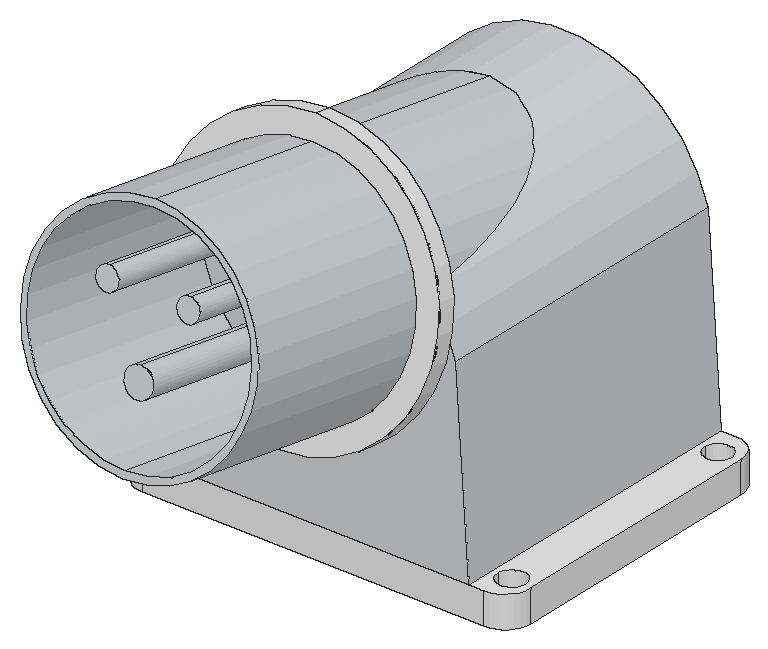
Revit family "Building-IEC309Connections-GEWISS-IEC309HP-90°_SURFACE_MOUNT_INLET_16A_IP44", category Apparecchi elettrici, host Superficie, Revit 2019
Family settings
  Host = Superficie
  Mantenere orientamento annotazione = Sì
  Quota connettore circolare = Usa diametro
  Tipo di parte = Normale
  Taglio con vuoti quando caricato = No
  Condiviso = Sì
  Punto di calcolo locali = Sì
Parameters (values of type "GW60411 - IP44 90°APPL.INLET 3P+N+E 16A 500V 7H")
  simbolo acceso [instance] = yes
  distanza_simbolo [instance] = 1 mm
  distanza dal piano [instance] = 0 mm
  W = 115 mm  # constant formula
  Version file RFA = "21.11"
  URL = "https://www.gewiss.com/ww/en"
  Typology = "90° angled surface mounting inlet"
  Type of wiring = "With screw"
  Total number of operations = "-5000"
  Thermo-pressure with ball = "125 °C (active parts) - 80 °C (passive parts)"
  Terminal tightening capacity = "1-2.5mm² flexible cables - 1.5-4mm² rigid cables"
  Technical sheet = "https://www.gewiss.com/ww/en/search?q=GW60411"
  Spostamento_effettivo_S [instance] = 4000 mm - Spostamento_S  # 3037.5 mm
  Spostamento_S = 962.5 mm
  Shock resistance = "IK08"
  SPinotto = Default(2)
  SEO = "Inlet"
  Reference h = "7"
  Realized by GEWISS S.p.A. = ""
  Rated voltage = "480-500V"
  Rated current (A) = "16"
  Default Elevation = 1219.2 mm
  Produttore = "GEWISS S.p.A."
  Piastra = Default(2)
  Permissible overload = "22A"
  Operating temperature: = "-25 +55 °C"
  No. of poles = "3P+N+E"
  Model = "GW60411"
  L = 155 mm  # constant formula
  Insulation resistance = "- 10 M?"
  Immagine tipo = (empty or 0)
  IP degree = "IP44"
  IDT = "842d9d63efac4f9c902d1d7b39d4ddf7"
  IDF = "c7d3e448-46ae-4812-8562-1ba9380a3774"
  Glow wire test: = "850 °C (active parts) - 650 °C (passive parts)"
  Frequency = "50/60 Hz"
  FORMULA = 1000 mm * 1  # 1000 mm
  Electrocod = "2230"
  Description = "IP44 90°APPL.INLET 3P+N+E 16A 500V 7H"
  Corpo centrale = Default(2)
  Colour: = "Black"
  Catalogue = "BUILDING"
  COBie.Tagnumber = ""
  COBie.CreatedOn = ""
  COBie.CreatebBy = ""
  COBie.ComponentRegisterItemID = ""
  COBie.Component.TagNumber = ""
  COBie.Component.Space = ""
  COBie.Component.SerialNumber = ""
  COBie.Component.InstallationDate = ""
  COBie.Component.Description = ""
  COBie.Component.BarCode = ""
  Breaking capacity at 1.1 Un = "20A"
  BLOCCO = "B=C"
Types (11, lengths in mm): name | Technical sheet | Reference h | Rated voltage | No. of poles | Model | IDT | Description | Colour:
  GW60401 - IP44 90°APPL.INLET 2P+E 16A 110V 4H | "https://www.gewiss.com/ww/en/search?q=GW60401" | "4" | "100-130V" | "2P+E" | "GW60401" | "dd282c7ec9404feb9908b4ee4d0528da" | "IP44 90°APPL.INLET 2P+E 16A 110V 4H" | "Yellow"
  GW60402 - IP44 90°APPL.INLET 3P+E 16A 110V 4H | "https://www.gewiss.com/ww/en/search?q=GW60402" | "4" | "100-130V" | "3P+E" | "GW60402" | "41b85443c9b549c69e8ee6e2095b8cbb" | "IP44 90°APPL.INLET 3P+E 16A 110V 4H" | "Yellow"
  GW60403 - IP44 90°APPL.INLET 3P+N+E 16A 110V 4H | "https://www.gewiss.com/ww/en/search?q=GW60403" | "4" | "100-130V" | "3P+N+E" | "GW60403" | "4476b72e9a894acb9733fd0dd0178874" | "IP44 90°APPL.INLET 3P+N+E 16A 110V 4H" | "Yellow"
  GW60404 - IP44 90°APPL.INLET 2P+E 16A 230V 6H | "https://www.gewiss.com/ww/en/search?q=GW60404" | "6" | "200-250V" | "2P+E" | "GW60404" | "9a9bff77fa3f4a938e00d8f812caa1b5" | "IP44 90°APPL.INLET 2P+E 16A 230V 6H" | "Blue"
  GW60405 - IP44 90°APPL.INLET 3P+E 16A 230V 9H | "https://www.gewiss.com/ww/en/search?q=GW60405" | "9" | "200-250V" | "3P+E" | "GW60405" | "7283608bdeb44a34bce215bc55ce2742" | "IP44 90°APPL.INLET 3P+E 16A 230V 9H" | "Blue"
  GW60406 - IP44 90°APPL.INLET 3P+N+E 16A 230V 9H | "https://www.gewiss.com/ww/en/search?q=GW60406" | "9" | "200-250V" | "3P+N+E" | "GW60406" | "d3368537618e4e0f8726e9c1388d5d0b" | "IP44 90°APPL.INLET 3P+N+E 16A 230V 9H" | "Blue"
  GW60407 - IP44 90°APPL.INLET 2P+E 16A 400V 9H | "https://www.gewiss.com/ww/en/search?q=GW60407" | "9" | "380-415V" | "2P+E" | "GW60407" | "506db45d25b94d43bdc5c2af0ccd532a" | "IP44 90°APPL.INLET 2P+E 16A 400V 9H" | "Red"
  GW60408 - IP44 90°APPL.INLET 3P+E 16A 400V 6H | "https://www.gewiss.com/ww/en/search?q=GW60408" | "6" | "380-415V" | "3P+E" | "GW60408" | "1aacc0ad7dee4232896f628964b17748" | "IP44 90°APPL.INLET 3P+E 16A 400V 6H" | "Red"
  GW60409 - IP44 90°APPL.INLET 3P+N+E 16A 400V 6H | "https://www.gewiss.com/ww/en/search?q=GW60409" | "6" | "380-415V" | "3P+N+E" | "GW60409" | "7a6abe0d22224a75bb993c0456b9c2e3" | "IP44 90°APPL.INLET 3P+N+E 16A 400V 6H" | "Red"
  GW60410 - IP44 90°APPL.INLET 3P+E 16A 500V 7H | "https://www.gewiss.com/ww/en/search?q=GW60410" | "7" | "480-500V" | "3P+E" | "GW60410" | "89ffa5ebcbce463e83c9782243dbe423" | "IP44 90°APPL.INLET 3P+E 16A 500V 7H" | "Black"
  GW60411 - IP44 90°APPL.INLET 3P+N+E 16A 500V 7H | "https://www.gewiss.com/ww/en/search?q=GW60411" | "7" | "480-500V" | "3P+N+E" | "GW60411" | "842d9d63efac4f9c902d1d7b39d4ddf7" | "IP44 90°APPL.INLET 3P+N+E 16A 500V 7H" | "Black"
Reference planes
  plane 1 "Centro (Fronte/Retro)": y = 0
  plane 2: z = 0
  plane 3 "Centro (Sinistra/Destra)": x = 0
  plane 4: x = -3000
  plane 5: x = 37.5
  plane 6: z = 0
Dimensions and locks
  plane 4 to plane 3 "Centro (Sinistra/Destra)" = 3000 mm
  "Spostamento_effettivo_S": plane 4 to plane 5
  "distanza dal piano": plane 6 to plane 2
  aligned and locked: plane 2 to host face
  aligned and locked: level to host face
  aligned and locked: plane 3 "Centro (Sinistra/Destra)" to nested 1
  aligned and locked: plane 1 "Centro (Fronte/Retro)" to nested 1
  aligned and locked: nested 2 to plane 5
  aligned and locked: nested 1 to host face
  aligned and locked: nested 1 to import instance
  aligned and locked: import instance to nested 1
Automatic sketch dimensions
  host sketch curve to host sketch curve = 2438.4 mm  (x2)
Nested families
  nested 1: "base - IEC309 SPINE FISSE PARETE 90° 16A IP44" at (0, 0, 0), type "base - IEC309 SPINE FISSE PARETE 90° 16A IP44"
  nested 2: "simbolo_circuito_GW60201" at (37.5, 171.559, 0), visible <- "simbolo acceso", Distanza dal muro <- "distanza_simbolo", type "3P"
    with SIMBOLO ACCESO yes, Distanza dal muro 1 mm
Connectors
  electrical at (37.5, 30, 0)
    settings: on nested 1, index 1, voltage 0 V, apparent load 0 VA, apparent load phase1 0 VA, apparent load phase2 0 VA, apparent load phase3 0 VA, power factor 1, load classification "Altro", number of poles 1, system type 31, power factor state 1, is connector primary yes, connector utility no, sub classification motor no, connector description ""
Definition of nested family "base - IEC309 SPINE FISSE PARETE 90° 16A IP44"
  Parameters (values of type "base - IEC309 SPINE FISSE PARETE 90° 16A IP44")
    sp_ghiera = 16 mm
    h = 60 mm
    dis_base = 71 mm
    Spinotto = none
    PIASTRA = none
    Lunghezza totale = 140 mm
    CENTRALE = none
    Bsae = 75 mm
  Reference planes
    plane 1 "Centro (Fronte/Retro)": y = 0
    plane 2: z = 0
    plane 3 "Centro (Sinistra/Destra)": x = 0
    plane 4 "EEE": through (4267.2, -291.041, 143.375) normal (0, -0.788, -0.6157)
    plane 5: x = 48
    plane 6: x = 75
    plane 7: y = 60
    plane 8: z = 6
    plane 9: y = 54.607
    plane 10: y = 5.392
    plane 11: x = 37.5
    plane 12: y = 30
    plane 13: through (4267.2, -43.825, 42.63) normal (0, 0.1727, 0.985)
    plane 14: x = 4.026
    plane 15: x = 70.974
  Forms (mm)
    Extrusion 1, solid, material <- "PIASTRA"
      sketch origin (0, 0, 0) x (1, 0, 0) y (0, 1, 0)
        loop
          arc (5, 60) -> (1.464, 58.536) -> (0, 55) r 5
          line (0, 55) -> (0, 5)
          arc (0, 5) -> (1.464, 1.464) -> (5, 0) r 5
          line (5, 0) -> (70, 0)
          arc (70, 0) -> (73.536, 1.464) -> (75, 5) r 5
          line (75, 5) -> (75, 55)
          arc (75, 55) -> (73.536, 58.536) -> (70, 60) r 5
          line (70, 60) -> (5, 60)
      from 0 to 6
    Extrusion 2, void
      sketch origin (0, 0, 0) x (1, 0, 0) y (0, 1, 0)
        loop
          circle (4.026, 54.607) r 2.665
        loop
          circle (70.974, 54.607) r 2.602
        loop
          circle (70.974, 5.392) r 2.692
        loop
          circle (4.026, 5.392) r 2.603
      from 0 to 6
    Extrusion 3, solid
      sketch origin (0, 0, 0) x (1, 0, 0) y (0, 0, 1)
        loop
          line (7.941, 6) -> (67.059, 6) -> (64.647, 43.199)
          arc (64.647, 43.199) -> (37.5, 64.029) -> (10.353, 43.199) r 28.105
          line (10.353, 43.199) -> (7.941, 6)
      from -60 to 0
    Sweep 4, solid
      path origin (0, -3.798, -2.5) x (0, 1, 0) y (0, 0, 1)
        loop
          line (54.607, 42.153) -> (-37.712, 58.335)
      profile origin (0, 4.649, 47.744) x (0, -0.17265, -0.984983) y (1, 0, 0)
        loop
          circle (0, 37.5) r 22.5
        loop
          circle (0, 37.5) r 21.28
    Sweep 5, solid
      path origin (0, 0, 1.111) x (0, 1, 0) y (0, 0, 1)
        loop
          line (-4.052, 48.151) -> (-0.706, 47.561)
      profile origin (0, -2.379, 48.967) x (0, 0.173648, 0.984808) y (1, 0, 0)
        loop
          circle (0, 37.5) r 27
        loop
          circle (0, 37.5) r 22.511
    Sweep 6, solid
      path origin (37.5, 0, 6.16) x (0, 1, 0) y (0, 0, 1)
        loop
          line (-41.579, 42.236) -> (0, 34.948)
      profile origin (37.5, -20.79, 44.752) x (0, 0.17265, 0.984983) y (1, 0, 0)
        loop
          circle (0, 0) r 2.8
    Sweep 7, solid
      path origin (29.778, 0, 20.668) x (0, 1, 0) y (0, 0, -1)
        loop
          line (-39.399, -41.854) -> (0, -34.948)
      profile origin (29.778, -19.7, 59.069) x (0, -0.17265, -0.984983) y (-1, 0, 0)
        loop
          circle (0, 0) r 2.2
    Sweep 8, solid
      path origin (45.222, 0, 20.668) x (0, 1, 0) y (0, 0, 1)
        loop
          line (-39.399, 41.854) -> (0, 34.948)
      profile origin (45.222, -19.7, 59.069) x (0, 0.17265, 0.984983) y (1, 0, 0)
        loop
          circle (0, 0) r 2.2
  Cuts and joins
    Extrusion 2 cuts Extrusion 1
    joined: Extrusion 3, Sweep 4, Sweep 6, Sweep 7
  Lines and regions (mm)
    symbolic lines
      curve 1: line (265.256, 320.85, 0) -> (277.43, 320.85, 0)
  Dimensions and locks
    "Bsae": plane 3 "Centro (Sinistra/Destra)" to plane 6
    "h": plane 1 "Centro (Fronte/Retro)" to plane 7
    plane 8 to level = 6 mm
    locked: plane 1 "Centro (Fronte/Retro)" to plane 10 at 5.392
    equal spacing: plane 3 "Centro (Sinistra/Destra)", plane 11, plane 6
    locked: plane 7 to plane 9 at 5.393
    equal spacing: plane 1 "Centro (Fronte/Retro)", plane 12, plane 7
    locked: plane 8 to plane 2 at 6
    locked: plane 3 "Centro (Sinistra/Destra)" to plane 14 at 4.026
    locked: plane 15 to plane 6 at 4.026
    radius of Extrusion 1 sketch curve = 5 mm  (x4)
    aligned and locked: level to plane 2
    aligned and locked: Extrusion 1 to level
    aligned and locked: plane 8 to Extrusion 1
    aligned and locked: Extrusion 2 to level
    aligned and locked: plane 8 to Extrusion 2
    aligned and locked: cut or joined group of Extrusion 3, Sweep 4, Sweep 6, Sweep 7 to plane 8
    aligned and locked: plane 11 to Sweep 4 sketch curve  (x2)
    aligned and locked: plane 11 to Sweep 5 sketch curve  (x2)
    aligned and locked: plane 14 to Extrusion 2 sketch curve  (x2)
    aligned and locked: plane 15 to Extrusion 2 sketch curve  (x2)
    aligned and locked: Sweep 7 sketch curve to Sweep 8
  Automatic sketch dimensions
    curve 1 to plane 6 = 190.256 mm
    plane 7 to curve 1 = 260.85 mm
    curve 1 to curve 1 = 12.174 mm
    Extrusion 1 sketch curve to plane 3 "Centro (Sinistra/Destra)" = 0 mm
    Extrusion 1 sketch curve to plane 7 = 0 mm
    plane 1 "Centro (Fronte/Retro)" to Extrusion 1 sketch curve = 0 mm
    Extrusion 1 sketch curve to plane 6 = 0 mm
    Extrusion 2 sketch curve to plane 9 = 0 mm  (x2)
    Extrusion 2 sketch curve to plane 10 = 0 mm  (x2)
    plane 1 "Centro (Fronte/Retro)" to Sweep 4 sketch curve = 41.51 mm
    Sweep 4 sketch curve to plane 9 = 3.798 mm
    plane 8 to Sweep 4 sketch curve = 33.653 mm
    plane 8 to Sweep 4 sketch curve = 49.835 mm
    Sweep 4 sketch curve to Sweep 4 sketch curve = 0 mm
    Sweep 4 sketch curve to profile plane = 0 mm
    plane 1 "Centro (Fronte/Retro)" to Sweep 5 sketch curve = 4.052 mm
    plane 1 "Centro (Fronte/Retro)" to Sweep 5 sketch curve = 0.706 mm
    plane 8 to Sweep 5 sketch curve = 42.672 mm
    Sweep 5 sketch curve to Sweep 5 sketch curve = 0.59 mm
    Sweep 5 sketch curve to Sweep 5 sketch curve = 0 mm
    Sweep 5 sketch curve to profile plane = 0 mm
    Sweep 6 sketch curve to profile plane = 0 mm  (x2)
    profile plane to Sweep 7 sketch curve = 0 mm
    Sweep 7 sketch curve to profile plane = 0 mm
    Sweep 8 sketch curve to profile plane = 0 mm  (x2)
    Extrusion 3 sketch curve to plane 8 = 0 mm
    Extrusion 3 sketch curve to plane 11 = 0 mm
    plane 8 to Extrusion 3 sketch curve = 29.925 mm
    Extrusion 3 sketch curve to Extrusion 3 sketch curve = 7.274 mm
    plane 3 "Centro (Sinistra/Destra)" to Extrusion 3 sketch curve = 10.353 mm
    plane 3 "Centro (Sinistra/Destra)" to Extrusion 3 sketch curve = 7.941 mm
    plane 6 to Extrusion 3 sketch curve = 10.353 mm
    plane 6 to Extrusion 3 sketch curve = 7.941 mm
    Sweep 8 sketch curve to plane 1 "Centro (Fronte/Retro)" = 0 mm
    plane 8 to Sweep 8 sketch curve = 49.616 mm
    plane 1 "Centro (Fronte/Retro)" to Sweep 8 sketch curve = 39.399 mm
    Sweep 8 sketch curve to Sweep 8 sketch curve = 6.906 mm
    Sweep 7 sketch curve to plane 1 "Centro (Fronte/Retro)" = 0 mm
    plane 1 "Centro (Fronte/Retro)" to Sweep 7 sketch curve = 39.399 mm
    Sweep 7 sketch curve to Sweep 7 sketch curve = 6.906 mm
    Sweep 6 sketch curve to plane 1 "Centro (Fronte/Retro)" = 0 mm
    plane 8 to Sweep 6 sketch curve = 35.108 mm
    plane 1 "Centro (Fronte/Retro)" to Sweep 6 sketch curve = 41.579 mm
    Sweep 6 sketch curve to Sweep 6 sketch curve = 7.288 mm
    radius of Extrusion 2 sketch curve = 2.665 mm
    radius of Extrusion 2 sketch curve = 2.602 mm
    radius of Extrusion 2 sketch curve = 2.692 mm
    radius of Extrusion 2 sketch curve = 2.603 mm
    radius of Sweep 4 sketch curve = 22.5 mm
    radius of Sweep 4 sketch curve = 21.28 mm
    radius of Sweep 5 sketch curve = 27 mm
    radius of Sweep 5 sketch curve = 22.511 mm
    radius of Sweep 6 sketch curve = 2.8 mm
    radius of Sweep 7 sketch curve = 2.2 mm
    radius of Sweep 8 sketch curve = 2.2 mm
Definition of nested family "simbolo_circuito_GW60201"
  Parameters (values of type "3P")
    SIMBOLO ACCESO [instance] = yes
    Distanza dal muro [instance] = 0 mm
  Reference planes
    plane 1: y = 0
    plane 2: x = 0
  Dimensions and locks
    "Distanza dal muro": plane 1 to nested 1
    aligned and locked: plane 2 to nested 1
  Nested families
    nested 1: "simbolo_circuito_GW60201_base" at (0, 0, 0), visible <- "SIMBOLO ACCESO", type "3P"
      with CORNICE SIMBOLO yes
  Definition of nested family "simbolo_circuito_GW60201_base"
    Parameters (values of type "3P")
      CORNICE SIMBOLO [instance] = yes
      3P = yes
    Types (2, lengths in mm): name | 3P
      3P | yes
      2P | no
    Reference planes
      plane 1: y = 0
      plane 2: x = 0
    Lines and regions (mm)
      detail lines
        curve 1: arc (0.298, 0.46, 0) -> (0, 0.758, 0) -> (-0.298, 0.46, 0) r 0.298
        curve 2: arc (0.139, 0.652, 0) -> (0, 0.731, 0) -> (-0.139, 0.652, 0) r 0.163
        curve 3: arc (-0.139, 0.106, 0) -> (0, 0.027, 0) -> (0.139, 0.106, 0) r 0.163
        curve 4: circle (0, 2.381, 0) r 0.05 normal (0, 0, 1)
        curve 5: line (0, 3.386, 0) -> (0, 0.758, 0)
        curve 6: line (-0.139, 0.652, 0) -> (-0.139, 0.106, 0)
        curve 7: line (0.139, 0.652, 0) -> (0.139, 0.106, 0)
      detail lines, not visible
        curve 8: arc (2.679, 0.46, 0) -> (2.381, 0.758, 0) -> (2.083, 0.46, 0) r 0.298
        curve 9: arc (2.52, 0.652, 0) -> (2.381, 0.731, 0) -> (2.241, 0.652, 0) r 0.163
        curve 10: arc (2.241, 0.106, 0) -> (2.381, 0.027, 0) -> (2.52, 0.106, 0) r 0.163
        curve 11: circle (2.381, 2.381, 0) r 0.05 normal (0, 0, 1)
        curve 12: line (2.381, 3.386, 0) -> (2.381, 0.758, 0)
        curve 13: line (2.241, 0.652, 0) -> (2.241, 0.106, 0)
        curve 14: line (2.52, 0.652, 0) -> (2.52, 0.106, 0)
